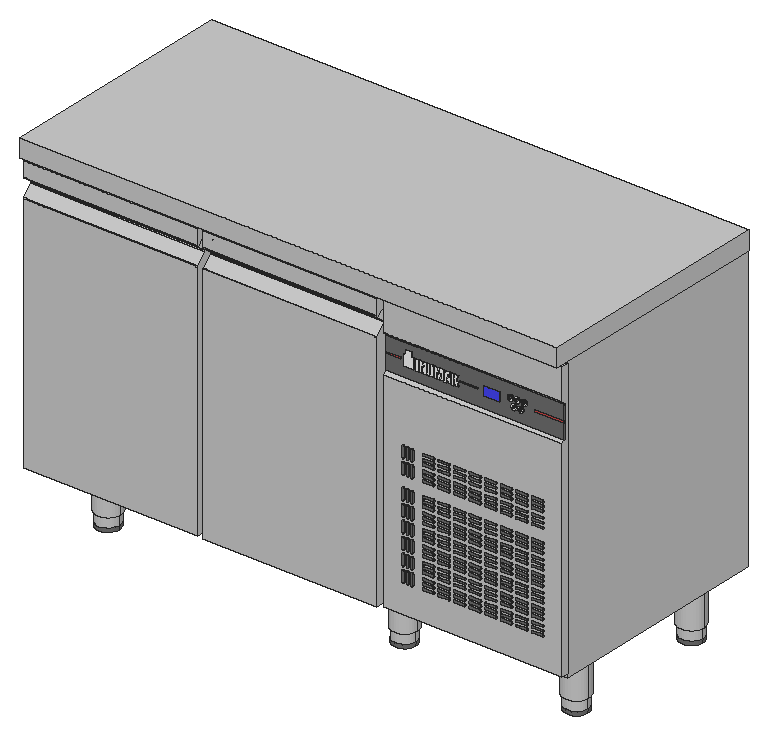
Revit family "QF_INOMAK_PMRP99_250528104133", category Specialty Equipment, Revit 2021 (continued)
Definition of nested family "QF_INOMAK_REF_COUNTERS_DOORS_DRAWERS_7216"
  Definition of nested family "3_Drawers_1-3"
    Forms (mm)
      Extrusion 2, solid, visible <- "3 Drawers", detail levels coarse
        sketch origin (0, -640.463, 751.667) x (0, 1, 0) y (-1, 0, 0)
          loop
            line (-49.537, -35) -> (-624.582, -35) -> (-624.582, -1165) -> (-49.537, -1165) -> (-49.537, -35)
        from 0 to 294.333
      Extrusion 3, solid, visible <- "3 Drawers", detail levels coarse
        sketch origin (0, -640.463, 453.333) x (0, 1, 0) y (-1, 0, 0)
          loop
            line (-49.537, -35) -> (-624.582, -35) -> (-624.582, -1165) -> (-49.537, -1165) -> (-49.537, -35)
        from 0 to 293.667
      Extrusion 4, solid, visible <- "3 Drawers", detail levels coarse
        sketch origin (0, -700, 154) x (-1, 0, 0) y (0, 1, 0)
          loop
            line (-35, 10) -> (-1165, 10) -> (-1165, -565.045) -> (-35, -565.045) -> (-35, 10)
        from 0 to -294
      Extrusion 5, solid, material <- "Finish", visible <- "3 Drawers"
        sketch origin (35, 0, -220.667) x (0, -1, 0) y (0, 0, 1)
          loop
            line (690, 674) -> (690, 882.031)
            arc (690, 882.031) -> (689.866, 882.704) -> (689.485, 883.274) r 1.757
            line (689.485, 883.274) -> (666.663, 906.096)
            arc (666.663, 906.096) -> (665.976, 907.125) -> (665.734, 908.339) r 3.172
            line (665.734, 908.339) -> (665.734, 935.243)
            arc (665.734, 935.243) -> (666.433, 936.929) -> (668.119, 937.628) r 2.385
            line (668.119, 937.628) -> (680.029, 937.628) -> (686.544, 928.324)
            arc (686.544, 928.324) -> (688.671, 927.602) -> (690, 929.414) r 1.9
            line (690, 929.414) -> (690, 967.667) -> (648, 967.667) -> (648, 674) -> (690, 674)
        from 0 to -1130
      Extrusion 6, solid, material <- "Finish", visible <- "3 Drawers"
        sketch origin (35, 0, -441.333) x (0, -1, 0) y (0, 0, 1)
          loop
            line (690, 595.333) -> (690, 800.031)
            arc (690, 800.031) -> (689.866, 800.704) -> (689.485, 801.274) r 1.757
            line (689.485, 801.274) -> (666.663, 824.096)
            arc (666.663, 824.096) -> (665.976, 825.125) -> (665.734, 826.339) r 3.172
            line (665.734, 826.339) -> (665.734, 857.243)
            arc (665.734, 857.243) -> (666.433, 858.929) -> (668.119, 859.628) r 2.385
            line (668.119, 859.628) -> (680.029, 859.628) -> (686.544, 850.324)
            arc (686.544, 850.324) -> (688.671, 849.602) -> (690, 851.414) r 1.9
            line (690, 851.414) -> (690, 889.333) -> (648, 889.333) -> (648, 595.333) -> (690, 595.333)
        from 0 to -1130
    Lines and regions (mm)
      symbolic lines, visible <- "3 Drawers"
        curve 1: line (35, -850, 900) -> (35, -890, 900)
        curve 2: line (35, -890, 900) -> (1165, -890, 900)
        curve 3: line (1165, -890, 900) -> (1165, -850, 900)
        curve 4: line (1165, -850, 900) -> (35, -850, 900)
        curve 5: line (1135, -850, 900) -> (1135, -700, 900)
        curve 6: line (65, -850, 900) -> (65, -700, 900)
        curve 7: line (35, -1040, 900) -> (35, -1080, 900)
        curve 8: line (35, -1080, 900) -> (1165, -1080, 900)
        curve 9: line (1165, -1080, 900) -> (1165, -1040, 900)
        curve 10: line (1165, -1040, 900) -> (35, -1040, 900)
        curve 11: line (1135, -1040, 900) -> (1135, -890, 900)
        curve 12: line (65, -1040, 900) -> (65, -890, 900)
        curve 13: line (35, -1225, 900) -> (35, -1265, 900)
        curve 14: line (35, -1265, 900) -> (1165, -1265, 900)
        curve 15: line (1165, -1265, 900) -> (1165, -1225, 900)
        curve 16: line (1165, -1225, 900) -> (35, -1225, 900)
        curve 17: line (1135, -1225, 900) -> (1135, -1080, 900)
        curve 18: line (65, -1225, 900) -> (65, -1080, 900)
    Dimensions and locks
      "Length Actual": plane 3 "Left" to plane 4 "Right"
      "Depth Actual": plane 5 "Front" to plane 1 "Back"
      "Height Actual": plane 6 "Top" to plane 8 "Legs top"
      "Front inset": plane 7 "Front legs" to plane 5 "Front"
      "Plinth height": plane 8 "Legs top" to plane 2
      "Rear inset": plane 9 "Backsplash thickness" to plane 1 "Back"
      "Right panel thickness": plane 11 "Right panel" to plane 4 "Right"
      "Left panel thickness": plane 3 "Left" to plane 10 "Left panel"
      plane 14 to plane 15 = 4.667 mm
      equal spacing: plane 14, plane 12, plane 15
      locked: plane 16 to plane 13 at 2
      equal spacing: plane 18, plane 17, plane 19
      plane 18 to plane 19 = 5.333 mm
      "Bottom inset": plane 20 to plane 8 "Legs top"
      equal spacing: plane 21, plane 17, plane 12, plane 16
      "Top inset": plane 13 to plane 6 "Top"
      locked: plane 21 to plane 20 at 2
      aligned and locked: level to plane 2
      aligned and locked: Extrusion 1 to plane 11 "Right panel"
      aligned and locked: plane 10 "Left panel" to curve 1
      aligned and locked: plane 10 "Left panel" to curve 7
      aligned and locked: plane 10 "Left panel" to curve 13
      aligned and locked: Extrusion 2 sketch curve to plane 10 "Left panel"
      aligned and locked: plane 11 "Right panel" to Extrusion 2 sketch curve
      aligned and locked: Extrusion 3 sketch curve to plane 10 "Left panel"
      aligned and locked: plane 11 "Right panel" to Extrusion 3 sketch curve
      aligned and locked: Extrusion 4 sketch curve to plane 10 "Left panel"
      aligned and locked: plane 11 "Right panel" to Extrusion 4 sketch curve
      aligned and locked: Extrusion 2 to plane 13
      aligned and locked: Extrusion 3 to plane 15
      aligned and locked: Extrusion 4 to plane 19
      aligned and locked: Extrusion 5 to plane 11 "Right panel"
      aligned and locked: Extrusion 6 to plane 11 "Right panel"
      aligned and locked: Extrusion 1 sketch curve to plane 13
      aligned and locked: Extrusion 1 sketch curve to plane 7 "Front legs"
      aligned and locked: plane 18 to Extrusion 5 sketch curve
      aligned and locked: Extrusion 6 sketch curve to Extrusion 4  (x2)
      aligned and locked: Extrusion 5 sketch curve to plane 15
      aligned and locked: Extrusion 4 to Extrusion 5 sketch curve
      aligned and locked: Extrusion 6 sketch curve to plane 19
      aligned and locked: Extrusion 6 sketch curve to plane 20
    Automatic sketch dimensions
      Extrusion 2 sketch curve to plane 7 "Front legs" = 0 mm
      Extrusion 2 sketch curve to plane 5 "Front" = 565.045 mm
      Extrusion 3 sketch curve to plane 7 "Front legs" = 0 mm
      Extrusion 3 sketch curve to plane 5 "Front" = 565.045 mm
      Extrusion 4 sketch curve to plane 7 "Front legs" = 0 mm
      Extrusion 4 sketch curve to plane 5 "Front" = 565.045 mm
      curve 14 to plane 11 "Right panel" = 0 mm
      curve 8 to plane 11 "Right panel" = 0 mm
      curve 3 to plane 11 "Right panel" = 0 mm
      curve 6 to plane 5 "Front" = 0 mm
      curve 5 to plane 5 "Front" = 0 mm
      curve 1 to plane 5 "Front" = 150 mm
      curve 2 to curve 3 = 40 mm
      curve 10 to curve 1 = 150 mm
      curve 9 to curve 9 = 40 mm
      curve 13 to curve 7 = 145 mm
      curve 14 to curve 13 = 40 mm
      curve 3 to curve 5 = 30 mm
      curve 15 to curve 17 = 30 mm
      curve 11 to curve 17 = 0 mm
      curve 6 to plane 10 "Left panel" = 30 mm
      curve 18 to plane 10 "Left panel" = 30 mm
      curve 12 to curve 18 = 0 mm
      Extrusion 1 sketch curve to plane 14 = 0 mm
      Extrusion 1 sketch curve to plane 7 "Front legs" = 0 mm
      plane 7 "Front legs" to Extrusion 1 sketch curve = 0.515 mm
      plane 7 "Front legs" to Extrusion 1 sketch curve = 1.757 mm
      plane 7 "Front legs" to Extrusion 1 sketch curve = 1.9 mm
      Extrusion 1 sketch curve to Extrusion 1 sketch curve = 1.556 mm
      plane 7 "Front legs" to Extrusion 1 sketch curve = 9.971 mm
      plane 7 "Front legs" to Extrusion 1 sketch curve = 21.094 mm
      Extrusion 1 sketch curve to Extrusion 1 sketch curve = 11.91 mm
      Extrusion 1 sketch curve to Extrusion 1 sketch curve = 2.243 mm
      Extrusion 1 sketch curve to Extrusion 1 sketch curve = 2.385 mm
      Extrusion 1 sketch curve to Extrusion 1 sketch curve = 20.119 mm
      plane 13 to Extrusion 1 sketch curve = 85.635 mm
      Extrusion 1 sketch curve to Extrusion 1 sketch curve = 22.822 mm
      Extrusion 1 sketch curve to Extrusion 1 sketch curve = 19.985 mm
      Extrusion 1 sketch curve to Extrusion 1 sketch curve = 6.919 mm
      plane 15 to Extrusion 5 sketch curve = 59.328 mm
      Extrusion 5 sketch curve to Extrusion 5 sketch curve = 17.734 mm
      plane 15 to Extrusion 5 sketch curve = 61.571 mm
      Extrusion 5 sketch curve to Extrusion 5 sketch curve = 0.929 mm
      Extrusion 5 sketch curve to Extrusion 5 sketch curve = 2.385 mm
      Extrusion 5 sketch curve to Extrusion 5 sketch curve = 11.91 mm
      Extrusion 5 sketch curve to Extrusion 5 sketch curve = 6.515 mm
      Extrusion 5 sketch curve to Extrusion 5 sketch curve = 1.556 mm
      Extrusion 5 sketch curve to Extrusion 5 sketch curve = 21.58 mm
      plane 15 to Extrusion 5 sketch curve = 84.393 mm
      Extrusion 5 sketch curve to Extrusion 5 sketch curve = 1.242 mm
      Extrusion 5 sketch curve to Extrusion 5 sketch curve = 1.9 mm
      Extrusion 5 sketch curve to Extrusion 5 sketch curve = 0.515 mm
      Extrusion 5 sketch curve to Extrusion 5 sketch curve = 6.919 mm
      Extrusion 5 sketch curve to Extrusion 5 sketch curve = 30.039 mm
      plane 7 "Front legs" to Extrusion 6 sketch curve = 0.515 mm
      plane 7 "Front legs" to Extrusion 6 sketch curve = 1.757 mm
      plane 7 "Front legs" to Extrusion 6 sketch curve = 1.9 mm
      Extrusion 6 sketch curve to Extrusion 6 sketch curve = 1.556 mm
      plane 7 "Front legs" to Extrusion 6 sketch curve = 9.971 mm
      plane 7 "Front legs" to Extrusion 6 sketch curve = 21.094 mm
      Extrusion 6 sketch curve to Extrusion 6 sketch curve = 11.91 mm
      Extrusion 6 sketch curve to Extrusion 6 sketch curve = 2.243 mm
      Extrusion 6 sketch curve to Extrusion 6 sketch curve = 2.385 mm
      Extrusion 6 sketch curve to Extrusion 6 sketch curve = 20.119 mm
      plane 19 to Extrusion 6 sketch curve = 89.302 mm
      Extrusion 6 sketch curve to Extrusion 6 sketch curve = 22.822 mm
      Extrusion 6 sketch curve to Extrusion 6 sketch curve = 23.985 mm
      Extrusion 6 sketch curve to Extrusion 6 sketch curve = 6.919 mm
  Definition of nested family "2_Drawers_1-2"
    Parameters (values of type "2 Drawers 1-2")
      URL = "www.specifiglobal.com"
      Top inset [instance] = 4 mm
      Right panel thickness [instance] = 35 mm
      Rear inset [instance] = 10 mm
      Plinth height [instance] = 150 mm
      Model = ""
      Manufacturer = "DEMO CONSULTANT"
      Length Actual [instance] = 1200 mm
      Left panel thickness [instance] = 35 mm
      Height Actual [instance] = 900 mm
      Front inset [instance] = 10 mm
      Finish = none
      Doors drawers type [instance] = 4
      Description = ""
      Depth Actual [instance] = 700 mm
      Default Elevation = 0 mm
      Bottom inset [instance] = 4 mm
      Assembly Code = "E1090320"
      2 Drawers [instance] = Doors drawers type = 4  # yes
    Reference planes
      plane 1 "Back": y = 0
      plane 2: z = 0
      plane 3 "Left": x = 0
      plane 4 "Right": x = 1200
      plane 5 "Front": y = -700
      plane 6 "Top": z = 1050
      plane 7 "Front legs": y = -690
      plane 8 "Legs top": z = 150
      plane 9 "Backsplash thickness": y = -10
      plane 10 "Left panel": x = 35
      plane 11 "Right panel": x = 1165
      plane 12: z = 600
      plane 13: z = 1046
      plane 14: z = 602
      plane 15: z = 598
      plane 16: z = 154
    Forms (mm)
      Extrusion 1, solid, material <- "Finish", visible <- "2 Drawers"
        sketch origin (35, 0, 0) x (0, -1, 0) y (0, 0, 1)
          loop
            line (690, 602) -> (690, 960.365)
            arc (690, 960.365) -> (689.866, 961.037) -> (689.485, 961.607) r 1.757
            line (689.485, 961.607) -> (666.663, 984.429)
            arc (666.663, 984.429) -> (665.976, 985.458) -> (665.734, 986.672) r 3.172
            line (665.734, 986.672) -> (665.734, 1013.576)
            arc (665.734, 1013.576) -> (666.433, 1015.262) -> (668.119, 1015.961) r 2.385
            line (668.119, 1015.961) -> (680.029, 1015.961) -> (686.544, 1006.657)
            arc (686.544, 1006.657) -> (688.671, 1005.935) -> (690, 1007.747) r 1.9
            line (690, 1007.747) -> (690, 1046) -> (648, 1046) -> (648, 602) -> (690, 602)
        from 0 to -1130
      Extrusion 2, solid, visible <- "2 Drawers", detail levels coarse
        sketch origin (0, -640.463, 602) x (0, 1, 0) y (-1, 0, 0)
          loop
            line (-49.537, -35) -> (-624.537, -35) -> (-624.537, -1165) -> (-49.537, -1165) -> (-49.537, -35)
        from 0 to 444
      Extrusion 3, solid, visible <- "2 Drawers", detail levels coarse
        sketch origin (0, -700, 154) x (-1, 0, 0) y (0, 1, 0)
          loop
            line (-35, 10) -> (-1165, 10) -> (-1165, -565) -> (-35, -565) -> (-35, 10)
        from 0 to -444
      Extrusion 4, solid, material <- "Finish", visible <- "2 Drawers"
        sketch origin (35, 0, -441.333) x (0, -1, 0) y (0, 0, 1)
          loop
            line (690, 595.333) -> (690, 953.698)
            arc (690, 953.698) -> (689.866, 954.37) -> (689.485, 954.94) r 1.757
            line (689.485, 954.94) -> (666.663, 977.763)
            arc (666.663, 977.763) -> (665.976, 978.792) -> (665.734, 980.006) r 3.172
            line (665.734, 980.006) -> (665.734, 1006.909)
            arc (665.734, 1006.909) -> (666.433, 1008.596) -> (668.119, 1009.294) r 2.385
            line (668.119, 1009.294) -> (680.029, 1009.294) -> (686.544, 999.991)
            arc (686.544, 999.991) -> (688.671, 999.268) -> (690, 1001.08) r 1.9
            line (690, 1001.08) -> (690, 1039.333) -> (648, 1039.333) -> (648, 595.333) -> (690, 595.333)
        from 0 to -1130
    Lines and regions (mm)
      symbolic lines, visible <- "2 Drawers"
        curve 1: line (35, -940, 900) -> (35, -980, 900)
        curve 2: line (35, -980, 900) -> (1165, -980, 900)
        curve 3: line (1165, -980, 900) -> (1165, -940, 900)
        curve 4: line (1165, -940, 900) -> (35, -940, 900)
        curve 5: line (1135, -940, 900) -> (1135, -700, 900)
        curve 6: line (65, -940, 900) -> (65, -700, 900)
        curve 7: line (35, -1225, 900) -> (35, -1265, 900)
        curve 8: line (35, -1265, 900) -> (1165, -1265, 900)
        curve 9: line (1165, -1265, 900) -> (1165, -1225, 900)
        curve 10: line (1165, -1225, 900) -> (35, -1225, 900)
        curve 11: line (1135, -1225, 900) -> (1135, -980, 900)
        curve 12: line (65, -1225, 900) -> (65, -980, 900)
    Dimensions and locks
      "Length Actual": plane 3 "Left" to plane 4 "Right"
      "Depth Actual": plane 5 "Front" to plane 1 "Back"
      "Height Actual": plane 6 "Top" to plane 8 "Legs top"
      "Front inset": plane 7 "Front legs" to plane 5 "Front"
      "Plinth height": plane 8 "Legs top" to plane 2
      "Rear inset": plane 9 "Backsplash thickness" to plane 1 "Back"
      "Right panel thickness": plane 11 "Right panel" to plane 4 "Right"
      "Left panel thickness": plane 3 "Left" to plane 10 "Left panel"
      "Top inset": plane 6 "Top" to plane 13
      "Bottom inset": plane 16 to plane 8 "Legs top"
      equal spacing: plane 16, plane 12, plane 13
      locked: plane 14 to plane 12 at 2
      locked: plane 15 to plane 12 at 2
      aligned and locked: level to plane 2
      aligned and locked: Extrusion 1 to plane 11 "Right panel"
      aligned and locked: plane 10 "Left panel" to curve 1
      aligned and locked: plane 10 "Left panel" to curve 7
      aligned and locked: Extrusion 2 sketch curve to plane 10 "Left panel"
      aligned and locked: plane 11 "Right panel" to Extrusion 2 sketch curve
      aligned and locked: Extrusion 3 sketch curve to plane 10 "Left panel"
      aligned and locked: plane 11 "Right panel" to Extrusion 3 sketch curve
      aligned and locked: Extrusion 2 to plane 13
      aligned and locked: Extrusion 4 to plane 11 "Right panel"
      aligned and locked: Extrusion 3 to plane 15
      aligned and locked: Extrusion 1 sketch curve to plane 13
      aligned and locked: Extrusion 1 sketch curve to plane 7 "Front legs"
      aligned and locked: plane 14 to Extrusion 1 sketch curve
      aligned and locked: Extrusion 4 sketch curve to plane 15
      aligned and locked: Extrusion 4 sketch curve to plane 7 "Front legs"
      aligned and locked: Extrusion 4 sketch curve to plane 16
    Automatic sketch dimensions
      Extrusion 2 sketch curve to plane 7 "Front legs" = 0 mm
      Extrusion 2 sketch curve to plane 5 "Front" = 565 mm
      Extrusion 3 sketch curve to plane 7 "Front legs" = 0 mm
      Extrusion 3 sketch curve to plane 5 "Front" = 565 mm
      curve 9 to plane 11 "Right panel" = 0 mm
      curve 2 to plane 11 "Right panel" = 0 mm
      curve 5 to plane 5 "Front" = 0 mm
      curve 6 to plane 5 "Front" = 0 mm
      curve 1 to plane 5 "Front" = 240 mm
      curve 3 to curve 3 = 40 mm
      curve 7 to curve 1 = 245 mm
      curve 8 to curve 9 = 40 mm
      plane 11 "Right panel" to curve 5 = 30 mm
      curve 2 to curve 11 = 30 mm
      curve 6 to plane 10 "Left panel" = 30 mm
      curve 12 to plane 10 "Left panel" = 30 mm
      Extrusion 1 sketch curve to Extrusion 1 sketch curve = 17.734 mm
      Extrusion 1 sketch curve to Extrusion 1 sketch curve = 0.929 mm
      Extrusion 1 sketch curve to Extrusion 1 sketch curve = 2.385 mm
      Extrusion 1 sketch curve to Extrusion 1 sketch curve = 3.172 mm
      Extrusion 1 sketch curve to Extrusion 1 sketch curve = 11.91 mm
      Extrusion 1 sketch curve to Extrusion 1 sketch curve = 6.515 mm
      Extrusion 1 sketch curve to Extrusion 1 sketch curve = 1.556 mm
      Extrusion 1 sketch curve to Extrusion 1 sketch curve = 21.58 mm
      Extrusion 1 sketch curve to Extrusion 1 sketch curve = 1.242 mm
      Extrusion 1 sketch curve to Extrusion 1 sketch curve = 1.9 mm
      Extrusion 1 sketch curve to Extrusion 1 sketch curve = 0.515 mm
      Extrusion 1 sketch curve to Extrusion 1 sketch curve = 22.822 mm
      Extrusion 1 sketch curve to Extrusion 1 sketch curve = 19.985 mm
      Extrusion 1 sketch curve to Extrusion 1 sketch curve = 6.919 mm
      Extrusion 1 sketch curve to Extrusion 1 sketch curve = 30.039 mm
      Extrusion 4 sketch curve to plane 7 "Front legs" = 0 mm
      plane 7 "Front legs" to Extrusion 4 sketch curve = 0.515 mm
      plane 7 "Front legs" to Extrusion 4 sketch curve = 1.757 mm
      plane 7 "Front legs" to Extrusion 4 sketch curve = 1.9 mm
      Extrusion 4 sketch curve to Extrusion 4 sketch curve = 1.556 mm
      plane 7 "Front legs" to Extrusion 4 sketch curve = 9.971 mm
      plane 7 "Front legs" to Extrusion 4 sketch curve = 21.094 mm
      Extrusion 4 sketch curve to Extrusion 4 sketch curve = 11.91 mm
      Extrusion 4 sketch curve to Extrusion 4 sketch curve = 2.243 mm
      Extrusion 4 sketch curve to Extrusion 4 sketch curve = 2.385 mm
      Extrusion 4 sketch curve to Extrusion 4 sketch curve = 20.119 mm
      Extrusion 4 sketch curve to Extrusion 4 sketch curve = 22.822 mm
      Extrusion 4 sketch curve to Extrusion 4 sketch curve = 19.985 mm
      Extrusion 4 sketch curve to Extrusion 4 sketch curve = 6.919 mm
      Extrusion 4 sketch curve to Extrusion 4 sketch curve = 30.039 mm
  Definition of nested family "2_Drawers_1-3_2-3"
    Parameters (values of type "2 Drawers 1-3 and 2-3")
      URL = "www.specifiglobal.com"
      Top inset [instance] = 4 mm
      Right panel thickness [instance] = 35 mm
      Rear inset [instance] = 10 mm
      Plinth height [instance] = 150 mm
      Model = ""
      Manufacturer = "DEMO CONSULTANT"
      Length Actual [instance] = 1200 mm
      Left panel thickness [instance] = 35 mm
      Height Actual [instance] = 900 mm
      Front inset [instance] = 10 mm
      Finish = none
      Doors drawers type [instance] = 5
      Description = ""
      Depth Actual [instance] = 700 mm
      Default Elevation = 0 mm
      Bottom inset [instance] = 4 mm
      Assembly Code = "E1090320"
      2 Drawers 1-3 and 2-3 [instance] = Doors drawers type = 5  # yes
    Reference planes
      plane 1 "Back": y = 0
      plane 2: z = 0
      plane 3 "Left": x = 0
      plane 4 "Right": x = 1200
      plane 5 "Front": y = -700
      plane 6 "Top": z = 1050
      plane 7 "Front legs": y = -690
      plane 8 "Legs top": z = 150
      plane 9 "Backsplash thickness": y = -10
      plane 10 "Left panel": x = 35
      plane 11 "Right panel": x = 1165
      plane 12: z = 1046
      plane 13: z = 751.833
      plane 14: z = 746.833
      plane 15: z = 154
      plane 16: z = 450.667
      plane 17: z = 152
      plane 18: z = 1048
      plane 19: z = 749.333
    Forms (mm)
      Extrusion 1, solid, material <- "Finish", visible <- "2 Drawers 1-3 and 2-3"
        sketch origin (35, 0, 0) x (0, -1, 0) y (0, 0, 1)
          loop
            line (690, 751.833) -> (690, 960.365)
            arc (690, 960.365) -> (689.866, 961.037) -> (689.485, 961.607) r 1.757
            line (689.485, 961.607) -> (666.663, 984.429)
            arc (666.663, 984.429) -> (665.976, 985.458) -> (665.734, 986.672) r 3.172
            line (665.734, 986.672) -> (665.734, 1013.576)
            arc (665.734, 1013.576) -> (666.433, 1015.262) -> (668.119, 1015.961) r 2.385
            line (668.119, 1015.961) -> (680.029, 1015.961) -> (686.544, 1006.657)
            arc (686.544, 1006.657) -> (688.671, 1005.935) -> (690, 1007.747) r 1.9
            line (690, 1007.747) -> (690, 1046) -> (648, 1046) -> (648, 751.833) -> (690, 751.833)
        from 0 to -1130
      Extrusion 2, solid, visible <- "2 Drawers 1-3 and 2-3", detail levels coarse
        sketch origin (0, -640.463, 751.833) x (0, 1, 0) y (-1, 0, 0)
          loop
            line (-49.537, -35) -> (-624.537, -35) -> (-624.537, -1165) -> (-49.537, -1165) -> (-49.537, -35)
        from 0 to 294.167
      Extrusion 3, solid, visible <- "2 Drawers 1-3 and 2-3", detail levels coarse
        sketch origin (0, -700, 154) x (-1, 0, 0) y (0, 1, 0)
          loop
            line (-35, 10) -> (-1165, 10) -> (-1165, -565) -> (-35, -565) -> (-35, 10)
        from 0 to -592.833
      Extrusion 4, solid, material <- "Finish", visible <- "2 Drawers 1-3 and 2-3"
        sketch origin (35, 0, -441.333) x (0, -1, 0) y (0, 0, 1)
          loop
            line (690, 595.333) -> (690, 1101.698)
            arc (690, 1101.698) -> (689.866, 1102.37) -> (689.485, 1102.94) r 1.757
            line (689.485, 1102.94) -> (666.663, 1126.596)
            arc (666.663, 1126.596) -> (665.976, 1127.625) -> (665.734, 1128.839) r 3.172
            line (665.734, 1128.839) -> (665.734, 1155.743)
            arc (665.734, 1155.743) -> (666.433, 1157.429) -> (668.119, 1158.128) r 2.385
            line (668.119, 1158.128) -> (680.029, 1158.128) -> (686.544, 1148.824)
            arc (686.544, 1148.824) -> (688.671, 1148.102) -> (690, 1149.914) r 1.9
            line (690, 1149.914) -> (690, 1188.167) -> (648, 1188.167) -> (648, 595.333) -> (690, 595.333)
        from 0 to -1130
    Lines and regions (mm)
      symbolic lines, visible <- "2 Drawers 1-3 and 2-3"
        curve 1: line (35, -1000, 900) -> (35, -1040, 900)
        curve 2: line (35, -1040, 900) -> (1165, -1040, 900)
        curve 3: line (1165, -1040, 900) -> (1165, -1000, 900)
        curve 4: line (1165, -1000, 900) -> (35, -1000, 900)
        curve 5: line (1135, -1000, 900) -> (1135, -700, 900)
        curve 6: line (65, -1000, 900) -> (65, -700, 900)
        curve 7: line (35, -1225, 900) -> (35, -1265, 900)
        curve 8: line (35, -1265, 900) -> (1165, -1265, 900)
        curve 9: line (1165, -1265, 900) -> (1165, -1225, 900)
        curve 10: line (1165, -1225, 900) -> (35, -1225, 900)
        curve 11: line (1135, -1225, 900) -> (1135, -1040, 900)
        curve 12: line (65, -1225, 900) -> (65, -1040, 900)
    Dimensions and locks
      "Length Actual": plane 3 "Left" to plane 4 "Right"
      "Depth Actual": plane 5 "Front" to plane 1 "Back"
      "Height Actual": plane 6 "Top" to plane 8 "Legs top"
      "Front inset": plane 7 "Front legs" to plane 5 "Front"
      "Plinth height": plane 8 "Legs top" to plane 2
      "Rear inset": plane 9 "Backsplash thickness" to plane 1 "Back"
      "Right panel thickness": plane 11 "Right panel" to plane 4 "Right"
      "Left panel thickness": plane 3 "Left" to plane 10 "Left panel"
      "Top inset": plane 6 "Top" to plane 12
      locked: plane 13 to plane 14 at 5
      "Bottom inset": plane 15 to plane 8 "Legs top"
      equal spacing: plane 17, plane 16, plane 19, plane 18
      equal spacing: plane 12, plane 18, plane 6 "Top"
      equal spacing: plane 14, plane 19, plane 13
      equal spacing: plane 15, plane 17, plane 8 "Legs top"
      aligned and locked: level to plane 2
      aligned and locked: Extrusion 1 to plane 11 "Right panel"
      aligned and locked: plane 10 "Left panel" to curve 1
      aligned and locked: plane 10 "Left panel" to curve 7
      aligned and locked: Extrusion 2 sketch curve to plane 10 "Left panel"
      aligned and locked: plane 11 "Right panel" to Extrusion 2 sketch curve
      aligned and locked: Extrusion 3 sketch curve to plane 10 "Left panel"
      aligned and locked: plane 11 "Right panel" to Extrusion 3 sketch curve
      aligned and locked: Extrusion 2 to plane 12
      aligned and locked: Extrusion 4 to plane 11 "Right panel"
      aligned and locked: Extrusion 3 to plane 14
      aligned and locked: plane 13 to Extrusion 1 sketch curve
      aligned and locked: Extrusion 2 to Extrusion 1 sketch curve
      aligned and locked: Extrusion 3 to Extrusion 4 sketch curve
      aligned and locked: Extrusion 4 sketch curve to Extrusion 3  (x2)
      aligned and locked: Extrusion 1 sketch curve to plane 7 "Front legs"
    Automatic sketch dimensions
      Extrusion 2 sketch curve to plane 7 "Front legs" = 0 mm
      Extrusion 2 sketch curve to plane 5 "Front" = 565 mm
      Extrusion 3 sketch curve to plane 7 "Front legs" = 0 mm
      Extrusion 3 sketch curve to plane 5 "Front" = 565 mm
      curve 9 to plane 11 "Right panel" = 0 mm
      curve 2 to plane 11 "Right panel" = 0 mm
      curve 5 to plane 5 "Front" = 0 mm
      curve 6 to plane 5 "Front" = 0 mm
      curve 1 to plane 5 "Front" = 300 mm
      curve 3 to curve 3 = 40 mm
      curve 7 to curve 1 = 185 mm
      curve 8 to curve 9 = 40 mm
      plane 11 "Right panel" to curve 5 = 30 mm
      curve 11 to curve 5 = 0 mm
      curve 6 to plane 10 "Left panel" = 30 mm
      curve 12 to curve 6 = 0 mm
      Extrusion 1 sketch curve to plane 7 "Front legs" = 0 mm
      plane 7 "Front legs" to Extrusion 1 sketch curve = 0.515 mm
      plane 7 "Front legs" to Extrusion 1 sketch curve = 1.757 mm
      plane 7 "Front legs" to Extrusion 1 sketch curve = 1.9 mm
      Extrusion 1 sketch curve to Extrusion 1 sketch curve = 1.556 mm
      plane 7 "Front legs" to Extrusion 1 sketch curve = 9.971 mm
      plane 7 "Front legs" to Extrusion 1 sketch curve = 21.094 mm
      Extrusion 1 sketch curve to Extrusion 1 sketch curve = 11.91 mm
      Extrusion 1 sketch curve to Extrusion 1 sketch curve = 2.243 mm
      Extrusion 1 sketch curve to Extrusion 1 sketch curve = 2.385 mm
      Extrusion 1 sketch curve to Extrusion 1 sketch curve = 20.119 mm
      plane 12 to Extrusion 1 sketch curve = 85.635 mm
      Extrusion 1 sketch curve to Extrusion 1 sketch curve = 22.822 mm
      Extrusion 1 sketch curve to Extrusion 1 sketch curve = 19.985 mm
      Extrusion 1 sketch curve to Extrusion 1 sketch curve = 6.919 mm
      plane 12 to Extrusion 1 sketch curve = 0 mm
      Extrusion 4 sketch curve to plane 7 "Front legs" = 0 mm
      plane 7 "Front legs" to Extrusion 4 sketch curve = 0.515 mm
      plane 7 "Front legs" to Extrusion 4 sketch curve = 1.9 mm
      Extrusion 4 sketch curve to Extrusion 4 sketch curve = 1.556 mm
      plane 7 "Front legs" to Extrusion 4 sketch curve = 9.971 mm
      plane 7 "Front legs" to Extrusion 4 sketch curve = 21.094 mm
      Extrusion 4 sketch curve to Extrusion 4 sketch curve = 11.91 mm
      Extrusion 4 sketch curve to Extrusion 4 sketch curve = 2.243 mm
      Extrusion 4 sketch curve to Extrusion 4 sketch curve = 2.385 mm
      Extrusion 4 sketch curve to Extrusion 4 sketch curve = 20.119 mm
      Extrusion 4 sketch curve to Extrusion 4 sketch curve = 86.469 mm
      Extrusion 4 sketch curve to Extrusion 4 sketch curve = 23.656 mm
      Extrusion 4 sketch curve to Extrusion 4 sketch curve = 19.985 mm
      Extrusion 4 sketch curve to Extrusion 4 sketch curve = 6.919 mm
      plane 7 "Front legs" to Extrusion 4 sketch curve = 1.757 mm
  Definition of nested family "Sliding_Doors"
    Parameters (values of type "Sliding doors")
      URL = "www.specifiglobal.com"
      Top inset [instance] = 4 mm
      Sliding doors [instance] = Doors drawers type = 2  # yes
      Right panel thickness [instance] = 35 mm
      Rear inset [instance] = 10 mm
      Plinth height [instance] = 150 mm
      Model = ""
      Manufacturer = "DEMO CONSULTANT"
      Length Actual [instance] = 1200 mm
      Left panel thickness [instance] = 35 mm
      Height Actual [instance] = 900 mm
      Front inset [instance] = 10 mm
      Finish [instance] = none
      Doors drawers type [instance] = 2
      Description = ""
      Depth Actual [instance] = 700 mm
      Default Elevation = 0 mm
      Bottom inset [instance] = 4 mm
      Assembly Code = "E1090320"
    Reference planes
      plane 1 "Back": y = 0
      plane 2: z = 0
      plane 3 "Left": x = 0
      plane 4 "Right": x = 1200
      plane 5 "Front": y = -700
      plane 6 "Top": z = 1050
      plane 7 "Front legs": y = -690
      plane 8 "Legs top": z = 150
      plane 9 "Backsplash thickness": y = -10
      plane 10: x = 35
      plane 11: x = 1165
      plane 12 "Center Left-Right": x = 600
      plane 13: z = 154
      plane 14: z = 1046
    Forms (mm)
      Extrusion 1, solid, material <- "Finish", visible <- "Sliding doors"
        sketch origin (0, -690, 154) x (-1, 0, 0) y (0, 1, 0)
          loop
            line (-35, 10) -> (-35, 20) -> (-620, 20) -> (-620, 0) -> (-91.156, 0)
            arc (-91.156, 0) -> (-85.272, 0.885) -> (-79.91, 3.461) r 20
            line (-79.91, 3.461) -> (-60, 17) -> (-38, 17) -> (-38, 10)
            arc (-38, 10) -> (-40.05, 5.05) -> (-45, 3) r 7
            line (-45, 3) -> (-50.012, 3) -> (-50.012, 0) -> (-45, 0)
            arc (-45, 0) -> (-37.929, 2.929) -> (-35, 10) r 10
        from 0 to -892
      Extrusion 2, solid, material <- "Finish", visible <- "Sliding doors"
        sketch origin (0, -689, 154) x (-1, 0, 0) y (0, 1, 0)
          loop
            arc (-1065, 30) -> (-1062.071, 22.929) -> (-1055, 20) r 10
            line (-1055, 20) -> (-1049.988, 20) -> (-1049.988, 23) -> (-1055, 23)
            arc (-1055, 23) -> (-1059.95, 25.05) -> (-1062, 30) r 7
            line (-1062, 30) -> (-1062, 37) -> (-1040, 37) -> (-1020.09, 23.461)
            arc (-1020.09, 23.461) -> (-1014.728, 20.885) -> (-1008.844, 20) r 20
            line (-1008.844, 20) -> (-480, 20) -> (-480, 40) -> (-1065, 40) -> (-1065, 30)
        from 0 to -892
    Lines and regions (mm)
      symbolic lines, visible <- "Sliding doors"
        curve 1: line (1065, -649, 150) -> (480, -649, 150)
        curve 2: line (1065, -669, 150) -> (1065, -649, 150)
        curve 3: line (480, -669, 150) -> (1065, -669, 150)
        curve 4: line (480, -649, 150) -> (480, -669, 150)
        curve 5: line (620, -690, 150) -> (35, -690, 150)
        curve 6: line (620, -670, 150) -> (620, -690, 150)
        curve 7: line (35, -670, 150) -> (620, -670, 150)
        curve 8: line (35, -690, 150) -> (35, -670, 150)
    Dimensions and locks
      "Length Actual": plane 3 "Left" to plane 4 "Right"
      "Depth Actual": plane 5 "Front" to plane 1 "Back"
      "Height Actual": plane 6 "Top" to plane 8 "Legs top"
      "Front inset": plane 7 "Front legs" to plane 5 "Front"
      "Plinth height": plane 8 "Legs top" to plane 2
      "Rear inset": plane 9 "Backsplash thickness" to plane 1 "Back"
      "Right panel thickness": plane 11 to plane 4 "Right"
      "Left panel thickness": plane 3 "Left" to plane 10
      equal spacing: plane 10, plane 12 "Center Left-Right", plane 11
      "Top inset": plane 6 "Top" to plane 14
      "Bottom inset": plane 13 to plane 8 "Legs top"
      locked: plane 12 "Center Left-Right" to curve 4 at 120
      locked: plane 12 "Center Left-Right" to curve 5 at 20
      locked: plane 11 to curve 1 at 100
      aligned and locked: level to plane 2
      aligned and locked: Extrusion 1 sketch curve to plane 7 "Front legs"
      aligned and locked: Extrusion 1 sketch curve to plane 10
      aligned and locked: Extrusion 1 to plane 14
      aligned and locked: Extrusion 2 to plane 14
      aligned and locked: curve 8 to plane 10
    Automatic sketch dimensions
      Extrusion 2 sketch curve to Extrusion 2 sketch curve = 0 mm  (x2)
      plane 11 to Extrusion 2 sketch curve = 100 mm
      Extrusion 2 sketch curve to Extrusion 2 sketch curve = 3 mm
      Extrusion 2 sketch curve to Extrusion 2 sketch curve = 7 mm  (x2)
      Extrusion 2 sketch curve to Extrusion 2 sketch curve = 5.012 mm
      plane 7 "Front legs" to Extrusion 2 sketch curve = 38 mm
      Extrusion 2 sketch curve to Extrusion 2 sketch curve = 15 mm
      plane 7 "Front legs" to Extrusion 2 sketch curve = 24.461 mm
      Extrusion 2 sketch curve to Extrusion 2 sketch curve = 19.91 mm
      Extrusion 2 sketch curve to Extrusion 2 sketch curve = 11.246 mm
      Extrusion 2 sketch curve to plane 12 "Center Left-Right" = 120 mm
      Extrusion 2 sketch curve to Extrusion 2 sketch curve = 16.539 mm
      Extrusion 2 sketch curve to Extrusion 2 sketch curve = 20 mm
      Extrusion 1 sketch curve to Extrusion 1 sketch curve = 0 mm  (x2)
      Extrusion 1 sketch curve to plane 7 "Front legs" = 0 mm
      Extrusion 1 sketch curve to plane 10 = 3 mm
      Extrusion 1 sketch curve to Extrusion 1 sketch curve = 7 mm
      Extrusion 1 sketch curve to Extrusion 1 sketch curve = 5.012 mm
      Extrusion 1 sketch curve to Extrusion 1 sketch curve = 15 mm
      plane 7 "Front legs" to Extrusion 1 sketch curve = 3.461 mm
      Extrusion 1 sketch curve to Extrusion 1 sketch curve = 19.91 mm
      Extrusion 1 sketch curve to Extrusion 1 sketch curve = 11.246 mm
      plane 12 "Center Left-Right" to Extrusion 1 sketch curve = 20 mm
      Extrusion 1 sketch curve to Extrusion 1 sketch curve = 20 mm
      Extrusion 1 sketch curve to Extrusion 1 sketch curve = 3 mm
      curve 8 to plane 7 "Front legs" = 0 mm
      curve 5 to curve 6 = 20 mm
      plane 7 "Front legs" to curve 2 = 21 mm
      curve 2 to curve 2 = 20 mm
  Definition of nested family "4_Drawers_1-4"
    Parameters (values of type "4 Drawers 1-4")
      URL = "www.specifiglobal.com"
      Top inset [instance] = 4 mm
      Right panel thickness [instance] = 35 mm
      Rear inset [instance] = 10 mm
      Plinth height [instance] = 150 mm
      Model = ""
      Manufacturer = "DEMO CONSULTANT"
      Length Actual [instance] = 1200 mm
      Left panel thickness [instance] = 35 mm
      Height Actual [instance] = 900 mm
      Front inset [instance] = 10 mm
      Finish [instance] = none
      Doors drawers type [instance] = 7
      Description = ""
      Depth Actual [instance] = 700 mm
      Default Elevation = 0 mm
      Bottom inset [instance] = 4 mm
      Assembly Code = "E1090320"
      4 Drawers [instance] = Doors drawers type = 7  # yes
    Reference planes
      plane 1 "Back": y = 0
      plane 2: z = 0
      plane 3 "Left": x = 0
      plane 4 "Right": x = 1200
      plane 5 "Front": y = -700
      plane 6 "Top": z = 1050
      plane 7 "Front legs": y = -690
      plane 8 "Legs top": z = 150
      plane 9 "Backsplash thickness": y = -10
      plane 10 "Left panel": x = 35
      plane 11 "Right panel": x = 1165
      plane 12: z = 824.25
      plane 13: z = 1046
      plane 14: z = 826.083
      plane 15: z = 822.417
      plane 16: z = 1048.5
      plane 17: z = 375.75
      plane 18: z = 377.917
      plane 19: z = 373.583
      plane 20: z = 154
      plane 21: z = 151.5
      plane 22: z = 600
      plane 23: z = 601.833
      plane 24: z = 598.167
    Forms (mm)
      Extrusion 1, solid, material <- "Finish", visible <- "4 Drawers"
        sketch origin (35, 0, -1) x (0, -1, 0) y (0, 0, 1)
          loop
            line (680, 1047) -> (670, 1047) -> (670, 827.083) -> (690, 827.083) -> (690, 990.844)
            arc (690, 990.844) -> (689.115, 996.728) -> (686.539, 1002.09) r 20
            line (686.539, 1002.09) -> (673, 1022) -> (673, 1044) -> (680, 1044)
            arc (680, 1044) -> (684.95, 1041.95) -> (687, 1037) r 7
            line (687, 1037) -> (687, 1031.988) -> (690, 1031.988) -> (690, 1037)
            arc (690, 1037) -> (687.071, 1044.071) -> (680, 1047) r 10
        from 0 to -1130
      Extrusion 2, solid, visible <- "4 Drawers", detail levels coarse
        sketch origin (0, -640.463, 826.083) x (0, 1, 0) y (-1, 0, 0)
          loop
            line (-49.537, -35) -> (-624.537, -35) -> (-624.537, -1165) -> (-49.537, -1165) -> (-49.537, -35)
        from 0 to 219.917
      Extrusion 3, solid, visible <- "4 Drawers", detail levels coarse
        sketch origin (0, -700, 154) x (-1, 0, 0) y (0, 1, 0)
          loop
            line (-35, 10) -> (-1165, 10) -> (-1165, -565) -> (-35, -565) -> (-35, 10)
        from 0 to -219.583
      Extrusion 4, solid, material <- "Finish", visible <- "4 Drawers"
        sketch origin (35, 0, -440.333) x (0, -1, 0) y (0, 0, 1)
          loop
            line (680, 813.917) -> (670, 813.917) -> (670, 594.333) -> (690, 594.333) -> (690, 757.761)
            arc (690, 757.761) -> (689.115, 763.644) -> (686.539, 769.007) r 20
            line (686.539, 769.007) -> (673, 788.917) -> (673, 810.917) -> (680, 810.917)
            arc (680, 810.917) -> (684.95, 808.866) -> (687, 803.917) r 7
            line (687, 803.917) -> (687, 798.904) -> (690, 798.904) -> (690, 803.917)
            arc (690, 803.917) -> (687.071, 810.988) -> (680, 813.917) r 10
        from 0 to -1130
      Extrusion 5, solid, material <- "Finish", visible <- "4 Drawers"
        sketch origin (35, 0, -165.333) x (0, -1, 0) y (0, 0, 1)
          loop
            line (680, 987.75) -> (670, 987.75) -> (670, 767.167) -> (690, 767.167) -> (690, 931.594)
            arc (690, 931.594) -> (689.115, 937.478) -> (686.539, 942.84) r 20
            line (686.539, 942.84) -> (673, 962.75) -> (673, 984.75) -> (680, 984.75)
            arc (680, 984.75) -> (684.95, 982.7) -> (687, 977.75) r 7
            line (687, 977.75) -> (687, 972.738) -> (690, 972.738) -> (690, 977.75)
            arc (690, 977.75) -> (687.071, 984.821) -> (680, 987.75) r 10
        from 0 to -1130
      Extrusion 6, solid, material <- "Finish", visible <- "4 Drawers"
        sketch origin (35, 0, -330.333) x (0, -1, 0) y (0, 0, 1)
          loop
            line (680, 928.5) -> (670, 928.5) -> (670, 708.25) -> (690, 708.25) -> (690, 872.344)
            arc (690, 872.344) -> (689.115, 878.228) -> (686.539, 883.59) r 20
            line (686.539, 883.59) -> (673, 903.5) -> (673, 925.5) -> (680, 925.5)
            arc (680, 925.5) -> (684.95, 923.45) -> (687, 918.5) r 7
            line (687, 918.5) -> (687, 913.488) -> (690, 913.488) -> (690, 918.5)
            arc (690, 918.5) -> (687.071, 925.571) -> (680, 928.5) r 10
        from 0 to -1130
      Extrusion 7, solid, visible <- "4 Drawers", detail levels coarse
        sketch origin (0, -500.463, 601.833) x (0, 1, 0) y (-1, 0, 0)
          loop
            line (-189.537, -35) -> (-764.537, -35) -> (-764.537, -1165) -> (-189.537, -1165) -> (-189.537, -35)
        from 0 to 220.583
      Extrusion 8, solid, visible <- "4 Drawers", detail levels coarse
        sketch origin (0, -540.463, 377.917) x (0, 1, 0) y (-1, 0, 0)
          loop
            line (-149.537, -35) -> (-724.537, -35) -> (-724.537, -1165) -> (-149.537, -1165) -> (-149.537, -35)
        from 0 to 220.25
    Lines and regions (mm)
      symbolic lines, visible <- "4 Drawers"
        curve 1: line (35, -945, 900) -> (35, -985, 900)
        curve 2: line (35, -985, 900) -> (1165, -985, 900)
        curve 3: line (1165, -985, 900) -> (1165, -945, 900)
        curve 4: line (1165, -945, 900) -> (35, -945, 900)
        curve 5: line (1135, -945, 900) -> (1135, -845, 900)
        curve 6: line (65, -945, 900) -> (65, -845, 900)
        curve 7: line (35, -1085, 900) -> (35, -1125, 900)
        curve 8: line (35, -1125, 900) -> (1165, -1125, 900)
        curve 9: line (1165, -1125, 900) -> (1165, -1085, 900)
        curve 10: line (1165, -1085, 900) -> (35, -1085, 900)
        curve 11: line (1135, -1085, 900) -> (1135, -985, 900)
        curve 12: line (65, -1085, 900) -> (65, -985, 900)
        curve 13: line (35, -1225, 900) -> (35, -1265, 900)
        curve 14: line (35, -1265, 900) -> (1165, -1265, 900)
        curve 15: line (1165, -1265, 900) -> (1165, -1225, 900)
        curve 16: line (1165, -1225, 900) -> (35, -1225, 900)
        curve 17: line (1135, -1225, 900) -> (1135, -1125, 900)
        curve 18: line (65, -1225, 900) -> (65, -1125, 900)
        curve 19: line (35, -805, 900) -> (35, -845, 900)
        curve 20: line (35, -845, 900) -> (1165, -845, 900)
        curve 21: line (1165, -845, 900) -> (1165, -805, 900)
        curve 22: line (1165, -805, 900) -> (35, -805, 900)
        curve 23: line (65, -805, 900) -> (65, -700, 900)
        curve 24: line (1135, -805, 900) -> (1135, -700, 900)
    Dimensions and locks
      "Length Actual": plane 3 "Left" to plane 4 "Right"
      "Depth Actual": plane 5 "Front" to plane 1 "Back"
      "Height Actual": plane 6 "Top" to plane 8 "Legs top"
      "Front inset": plane 7 "Front legs" to plane 5 "Front"
      "Plinth height": plane 8 "Legs top" to plane 2
      "Rear inset": plane 9 "Backsplash thickness" to plane 1 "Back"
      "Right panel thickness": plane 11 "Right panel" to plane 4 "Right"
      "Left panel thickness": plane 3 "Left" to plane 10 "Left panel"
      locked: plane 14 to plane 15 at 3.667
      equal spacing: plane 14, plane 12, plane 15
      locked: plane 23 to plane 24 at 3.667
      equal spacing: plane 23, plane 22, plane 24
      "Bottom inset": plane 20 to plane 8 "Legs top"
      equal spacing: plane 19, plane 17, plane 18
      locked: plane 19 to plane 18 at 4.333
      equal spacing: plane 21, plane 17, plane 22, plane 12, plane 16
      locked: plane 13 to plane 16 at 2.5
      "Top inset": plane 13 to plane 6 "Top"
      locked: plane 21 to plane 20 at 2.5
      aligned and locked: level to plane 2
      aligned and locked: plane 7 "Front legs" to Extrusion 1 sketch curve  (x2)
      aligned and locked: Extrusion 1 to plane 11 "Right panel"
      aligned and locked: Extrusion 1 sketch curve to plane 13
      aligned and locked: Extrusion 1 sketch curve to plane 14
      aligned and locked: plane 10 "Left panel" to curve 1
      aligned and locked: plane 10 "Left panel" to curve 7
      aligned and locked: plane 10 "Left panel" to curve 13
      aligned and locked: Extrusion 2 sketch curve to plane 10 "Left panel"
      aligned and locked: plane 11 "Right panel" to Extrusion 2 sketch curve
      aligned and locked: Extrusion 3 sketch curve to plane 10 "Left panel"
      aligned and locked: plane 11 "Right panel" to Extrusion 3 sketch curve
      aligned and locked: Extrusion 2 to plane 13
      aligned and locked: Extrusion 3 to plane 19
      aligned and locked: plane 20 to Extrusion 4 sketch curve
      aligned and locked: Extrusion 4 to plane 11 "Right panel"
      aligned and locked: Extrusion 5 sketch curve to plane 15
      aligned and locked: plane 7 "Front legs" to Extrusion 5 sketch curve
      aligned and locked: Extrusion 5 sketch curve to plane 23
      aligned and locked: Extrusion 6 sketch curve to plane 24
      aligned and locked: plane 7 "Front legs" to Extrusion 6 sketch curve
      aligned and locked: Extrusion 6 sketch curve to plane 18
      aligned and locked: Extrusion 7 to plane 15
      aligned and locked: Extrusion 8 to plane 24
      aligned and locked: Extrusion 5 to plane 11 "Right panel"
      aligned and locked: Extrusion 6 to plane 11 "Right panel"
    Automatic sketch dimensions
      Extrusion 1 sketch curve to Extrusion 1 sketch curve = 0 mm  (x2)
      plane 7 "Front legs" to Extrusion 1 sketch curve = 3 mm
      plane 7 "Front legs" to Extrusion 1 sketch curve = 3.461 mm
      plane 7 "Front legs" to Extrusion 1 sketch curve = 10 mm
      Extrusion 1 sketch curve to Extrusion 1 sketch curve = 7 mm
      plane 7 "Front legs" to Extrusion 1 sketch curve = 20 mm  (x2)
      Extrusion 1 sketch curve to Extrusion 1 sketch curve = 46.156 mm
      Extrusion 1 sketch curve to Extrusion 1 sketch curve = 15 mm
      Extrusion 1 sketch curve to Extrusion 1 sketch curve = 5.012 mm
      Extrusion 2 sketch curve to plane 7 "Front legs" = 0 mm
      Extrusion 2 sketch curve to plane 5 "Front" = 565 mm
      Extrusion 3 sketch curve to plane 7 "Front legs" = 0 mm
      Extrusion 3 sketch curve to plane 5 "Front" = 565 mm
      Extrusion 5 sketch curve to Extrusion 5 sketch curve = 0 mm  (x2)
      Extrusion 5 sketch curve to plane 7 "Front legs" = 0 mm
      plane 7 "Front legs" to Extrusion 5 sketch curve = 3 mm
      plane 7 "Front legs" to Extrusion 5 sketch curve = 3.461 mm
      plane 7 "Front legs" to Extrusion 5 sketch curve = 10 mm
      Extrusion 5 sketch curve to Extrusion 5 sketch curve = 7 mm
      plane 7 "Front legs" to Extrusion 5 sketch curve = 20 mm  (x2)
      Extrusion 5 sketch curve to Extrusion 5 sketch curve = 46.156 mm
      Extrusion 5 sketch curve to Extrusion 5 sketch curve = 15 mm
      Extrusion 5 sketch curve to Extrusion 5 sketch curve = 5.012 mm
      Extrusion 6 sketch curve to Extrusion 6 sketch curve = 0 mm  (x2)
      Extrusion 6 sketch curve to plane 7 "Front legs" = 0 mm
      plane 7 "Front legs" to Extrusion 6 sketch curve = 3 mm
      plane 7 "Front legs" to Extrusion 6 sketch curve = 3.461 mm
      plane 7 "Front legs" to Extrusion 6 sketch curve = 10 mm
      Extrusion 6 sketch curve to Extrusion 6 sketch curve = 7 mm
      plane 7 "Front legs" to Extrusion 6 sketch curve = 20 mm  (x2)
      Extrusion 6 sketch curve to Extrusion 6 sketch curve = 46.156 mm
      Extrusion 6 sketch curve to Extrusion 6 sketch curve = 15 mm
      Extrusion 6 sketch curve to Extrusion 6 sketch curve = 5.012 mm
      curve 14 to plane 11 "Right panel" = 0 mm
      curve 8 to plane 11 "Right panel" = 0 mm
      curve 2 to plane 11 "Right panel" = 0 mm
      curve 21 to plane 11 "Right panel" = 0 mm
      curve 20 to plane 10 "Left panel" = 0 mm
      curve 23 to plane 5 "Front" = 0 mm
      curve 24 to plane 5 "Front" = 0 mm
      curve 21 to plane 5 "Front" = 105 mm
      curve 20 to curve 21 = 40 mm
      curve 3 to curve 20 = 100 mm
      curve 3 to curve 3 = 40 mm
      curve 10 to curve 1 = 100 mm
      curve 9 to curve 9 = 40 mm
      curve 15 to curve 8 = 100 mm
      curve 15 to curve 15 = 40 mm
      plane 11 "Right panel" to curve 24 = 30 mm
      curve 8 to curve 17 = 30 mm
      curve 11 to curve 17 = 0 mm
      curve 23 to plane 10 "Left panel" = 30 mm
      curve 12 to curve 6 = 0 mm
      curve 18 to curve 12 = 0 mm
      Extrusion 4 sketch curve to Extrusion 4 sketch curve = 0 mm  (x2)
      plane 19 to Extrusion 4 sketch curve = 0 mm
      Extrusion 4 sketch curve to plane 7 "Front legs" = 0 mm  (x2)
      plane 7 "Front legs" to Extrusion 4 sketch curve = 3 mm
      plane 7 "Front legs" to Extrusion 4 sketch curve = 3.461 mm
      plane 7 "Front legs" to Extrusion 4 sketch curve = 10 mm
      Extrusion 4 sketch curve to Extrusion 4 sketch curve = 7 mm
      plane 7 "Front legs" to Extrusion 4 sketch curve = 20 mm  (x2)
      Extrusion 4 sketch curve to Extrusion 4 sketch curve = 46.156 mm
      Extrusion 4 sketch curve to Extrusion 4 sketch curve = 15 mm
      Extrusion 4 sketch curve to Extrusion 4 sketch curve = 5.012 mm
      Extrusion 7 sketch curve to plane 10 "Left panel" = 0 mm
      Extrusion 7 sketch curve to plane 11 "Right panel" = 0 mm
      Extrusion 7 sketch curve to plane 7 "Front legs" = 0 mm
      Extrusion 7 sketch curve to plane 5 "Front" = 565 mm
      Extrusion 8 sketch curve to plane 10 "Left panel" = 0 mm
      Extrusion 8 sketch curve to plane 11 "Right panel" = 0 mm
      Extrusion 8 sketch curve to plane 7 "Front legs" = 0 mm
      Extrusion 8 sketch curve to plane 5 "Front" = 565 mm
      curve 6 to plane 10 "Left panel" = 30 mm
      curve 5 to curve 24 = 0 mm
  Definition of nested family "Hinged_Doors"
    Parameters (values of type "Hinged doors")
      URL = "www.specifiglobal.com"
      Top inset [instance] = 4 mm
      Right panel thickness [instance] = 35 mm
      Rear inset [instance] = 10 mm
      Plinth height [instance] = 150 mm
      Model = ""
      Manufacturer = "DEMO CONSULTANT"
      Length Actual [instance] = 1200 mm
      Left panel thickness [instance] = 35 mm
      Hinged doors [instance] = Doors drawers type = 3  # yes
      Height Actual [instance] = 900 mm
      Front inset [instance] = 10 mm
      Finish [instance] = none
      Doors drawers type [instance] = 3
      Description = ""
      Depth Actual [instance] = 700 mm
      Default Elevation = 0 mm
      Bottom inset [instance] = 4 mm
      Assembly Code = "E1090320"
    Reference planes
      plane 1 "Back": y = 0
      plane 2: z = 0
      plane 3 "Left": x = 0
      plane 4 "Right": x = 1200
      plane 5 "Front": y = -700
      plane 6 "Top": z = 1050
      plane 7 "Front legs": y = -690
      plane 8 "Legs top": z = 150
      plane 9 "Backsplash thickness": y = -10
      plane 10: x = 35
      plane 11: x = 1165
      plane 12 "Center Left-Right": x = 600
      plane 13: x = 597.5
      plane 14: x = 602.5
      plane 15: z = 154
      plane 16: z = 1046
    Forms (mm)
      Extrusion 1, solid, material <- "Finish", visible <- "Hinged doors"
        sketch origin (35, -2307.849, 4000) x (0, -1, 0) y (0, 0, 1)
          loop
            line (-1627.849, -2954) -> (-1637.849, -2954) -> (-1637.849, -3846) -> (-1617.849, -3846) -> (-1617.849, -3010.156)
            arc (-1617.849, -3010.156) -> (-1618.734, -3004.272) -> (-1621.31, -2998.91) r 20
            line (-1621.31, -2998.91) -> (-1634.849, -2979) -> (-1634.849, -2957) -> (-1627.849, -2957)
            arc (-1627.849, -2957) -> (-1622.899, -2959.05) -> (-1620.849, -2964) r 7
            line (-1620.849, -2964) -> (-1620.849, -2969.012) -> (-1617.849, -2969.012) -> (-1617.849, -2964)
            arc (-1617.849, -2964) -> (-1620.778, -2956.929) -> (-1627.849, -2954) r 10
        from 0 to -562.5
      Extrusion 2, solid, visible <- "Hinged doors", detail levels coarse
        sketch origin (0, -700, 154) x (-1, 0, 0) y (0, 1, 0)
          loop
            line (-35, 10) -> (-597.5, 10)
            arc (-597.5, 10) -> (-432.748, -387.748) -> (-35, -552.5) r 562.5
            line (-35, -552.5) -> (-35, 10)
        from 0 to -892
      Extrusion 3, solid, material <- "Finish", visible <- "Hinged doors"
        sketch origin (1165, -2312.576, 4000) x (0, -1, 0) y (0, 0, 1)
          loop
            line (-1632.576, -2954) -> (-1642.576, -2954) -> (-1642.576, -3846) -> (-1622.576, -3846) -> (-1622.576, -3010.156)
            arc (-1622.576, -3010.156) -> (-1623.46, -3004.272) -> (-1626.037, -2998.91) r 20
            line (-1626.037, -2998.91) -> (-1639.576, -2979) -> (-1639.576, -2957) -> (-1632.576, -2957)
            arc (-1632.576, -2957) -> (-1627.626, -2959.05) -> (-1625.576, -2964) r 7
            line (-1625.576, -2964) -> (-1625.576, -2969.012) -> (-1622.576, -2969.012) -> (-1622.576, -2964)
            arc (-1622.576, -2964) -> (-1625.504, -2956.929) -> (-1632.576, -2954) r 10
        from 0 to 562.5
      Extrusion 4, solid, visible <- "Hinged doors", detail levels coarse
        sketch origin (0, -700, 154) x (-1, 0, 0) y (0, 1, 0)
          loop
            line (-1165, 10) -> (-1165, -552.5)
            arc (-1165, -552.5) -> (-767.252, -387.748) -> (-602.5, 10) r 562.5
            line (-602.5, 10) -> (-1165, 10)
        from 0 to -892
    Lines and regions (mm)
      symbolic lines, visible <- "Hinged doors"
        curve 1: line (35, -700, 150) -> (35, -1252.5, 150)
        curve 2: arc (35, -1252.5, 150) -> (429.196, -1091.268, 150) -> (597.411, -700, 150) r 562.5
        curve 3: arc (602.589, -700, 150) -> (770.804, -1091.268, 150) -> (1165, -1252.5, 150) r 562.5
        curve 4: line (1165, -1252.5, 150) -> (1165, -700, 150)
    Dimensions and locks
      "Length Actual": plane 3 "Left" to plane 4 "Right"
      "Depth Actual": plane 5 "Front" to plane 1 "Back"
      "Height Actual": plane 6 "Top" to plane 8 "Legs top"
      "Front inset": plane 7 "Front legs" to plane 5 "Front"
      "Plinth height": plane 8 "Legs top" to plane 2
      "Rear inset": plane 9 "Backsplash thickness" to plane 1 "Back"
      "Right panel thickness": plane 11 to plane 4 "Right"
      "Left panel thickness": plane 3 "Left" to plane 10
      equal spacing: plane 10, plane 12 "Center Left-Right", plane 11
      plane 13 to plane 12 "Center Left-Right" = 2.5 mm
      plane 12 "Center Left-Right" to plane 14 = 2.5 mm
      "Bottom inset": plane 15 to plane 8 "Legs top"
      "Top inset": plane 16 to plane 6 "Top"
      aligned and locked: level to plane 2
      aligned and locked: Extrusion 1 to plane 13
      aligned and locked: plane 10 to Extrusion 2 sketch curve
      aligned and locked: plane 13 to Extrusion 2 sketch curve
      aligned and locked: plane 7 "Front legs" to Extrusion 2 sketch curve  (x2)
      aligned and locked: plane 14 to Extrusion 3
      aligned and locked: Extrusion 2 to curve 1
      aligned and locked: curve 2 to Extrusion 2
      aligned and locked: curve 3 to Extrusion 4
      aligned and locked: curve 4 to Extrusion 4
      aligned and locked: plane 5 "Front" to curve 1
      aligned and locked: plane 5 "Front" to curve 2
      aligned and locked: plane 5 "Front" to curve 3
      aligned and locked: plane 5 "Front" to curve 4
      aligned and locked: Extrusion 4 to plane 16
      aligned and locked: Extrusion 2 to plane 16
      aligned and locked: Extrusion 1 sketch curve to plane 16
      aligned and locked: Extrusion 1 sketch curve to plane 15
      aligned and locked: Extrusion 3 sketch curve to plane 15
      aligned and locked: Extrusion 3 sketch curve to plane 16
    Automatic sketch dimensions
      Extrusion 1 sketch curve to Extrusion 1 sketch curve = 0 mm  (x2)
      Extrusion 1 sketch curve to plane 7 "Front legs" = 0 mm  (x2)
      plane 7 "Front legs" to Extrusion 1 sketch curve = 3 mm
      plane 7 "Front legs" to Extrusion 1 sketch curve = 3.461 mm
      plane 7 "Front legs" to Extrusion 1 sketch curve = 10 mm
      Extrusion 1 sketch curve to Extrusion 1 sketch curve = 7 mm
      plane 7 "Front legs" to Extrusion 1 sketch curve = 20 mm  (x2)
      Extrusion 1 sketch curve to Extrusion 1 sketch curve = 46.156 mm
      Extrusion 1 sketch curve to Extrusion 1 sketch curve = 15 mm
      Extrusion 1 sketch curve to Extrusion 1 sketch curve = 5.012 mm
      Extrusion 3 sketch curve to Extrusion 3 sketch curve = 0 mm  (x2)
      Extrusion 3 sketch curve to plane 7 "Front legs" = 0 mm  (x2)
      Extrusion 3 sketch curve to Extrusion 3 sketch curve = 3 mm
      plane 7 "Front legs" to Extrusion 3 sketch curve = 3.461 mm
      plane 7 "Front legs" to Extrusion 3 sketch curve = 10 mm
      Extrusion 3 sketch curve to Extrusion 3 sketch curve = 7 mm
      Extrusion 3 sketch curve to Extrusion 3 sketch curve = 16.539 mm
      Extrusion 3 sketch curve to Extrusion 3 sketch curve = 20 mm
      Extrusion 3 sketch curve to Extrusion 3 sketch curve = 46.156 mm
      Extrusion 3 sketch curve to Extrusion 3 sketch curve = 15 mm
      Extrusion 3 sketch curve to Extrusion 3 sketch curve = 5.012 mm
      Extrusion 4 sketch curve to plane 11 = 0 mm
      Extrusion 4 sketch curve to plane 7 "Front legs" = 0 mm
      Extrusion 4 sketch curve to plane 14 = 0 mm
  Definition of nested family "Hopper"
    Parameters (values of type "Hopper")
      URL = "www.specifiglobal.com"
      Top inset [instance] = 4 mm
      Right panel thickness [instance] = 35 mm
      Rear inset [instance] = 10 mm
      Plinth height [instance] = 150 mm
      Model = ""
      Manufacturer = "DEMO CONSULTANT"
      Length Actual [instance] = 700 mm
      Left panel thickness [instance] = 35 mm
      Hopper [instance] = Doors drawers type = 10  # yes
      Height Actual [instance] = 900 mm
      Front inset [instance] = 10 mm
      Finish [instance] = none
      Doors drawers type [instance] = 10
      Description = ""
      Depth Actual [instance] = 700 mm
      Default Elevation = 0 mm
      Bottom inset [instance] = 4 mm
      Assembly Code = "E1090320"
      2 Drawers = yes
    Reference planes
      plane 1 "Back": y = 0
      plane 2: z = 0
      plane 3 "Left": x = 0
      plane 4 "Right": x = 700
      plane 5 "Front": y = -700
      plane 6 "Top": z = 1050
      plane 7 "Front legs": y = -690
      plane 8 "Legs top": z = 150
      plane 9 "Backsplash thickness": y = -10
      plane 10 "Left panel": x = 35
      plane 11 "Right panel": x = 665
      plane 12: z = 1046
      plane 13: z = 154
    Forms (mm)
      Extrusion 1, solid, material <- "Finish", visible <- "Hopper"
        sketch origin (35, 0, 0) x (0, -1, 0) y (0, 0, 1)
          loop
            line (690, 154) -> (690, 960.365)
            arc (690, 960.365) -> (689.866, 961.037) -> (689.485, 961.607) r 1.757
            line (689.485, 961.607) -> (666.663, 984.429)
            arc (666.663, 984.429) -> (665.976, 985.458) -> (665.734, 986.672) r 3.172
            line (665.734, 986.672) -> (665.734, 1013.576)
            arc (665.734, 1013.576) -> (666.433, 1015.262) -> (668.119, 1015.961) r 2.385
            line (668.119, 1015.961) -> (680.029, 1015.961) -> (686.544, 1006.657)
            arc (686.544, 1006.657) -> (688.671, 1005.935) -> (690, 1007.747) r 1.9
            line (690, 1007.747) -> (690, 1046) -> (648, 1046) -> (648, 154) -> (690, 154)
        from 0 to -630
      Extrusion 2, solid, visible <- "Hopper", detail levels coarse
        sketch origin (35, 0, 0) x (0, -1, 0) y (0, 0, 1)
          loop
            line (690, 154) -> (1265, 154) -> (1265, 1046) -> (690, 1046) -> (690, 154)
        from 0 to -630
    Lines and regions (mm)
      symbolic lines, visible <- "Hopper"
        curve 1: line (35, -1225, 900) -> (35, -1265, 900)
        curve 2: line (35, -1265, 900) -> (665, -1265, 900)
        curve 3: line (665, -1265, 900) -> (665, -1225, 900)
        curve 4: line (665, -1225, 900) -> (35, -1225, 900)
        curve 5: line (635, -1225, 900) -> (635, -700, 900)
        curve 6: line (65, -1225, 900) -> (65, -700, 900)
    Dimensions and locks
      "Length Actual": plane 3 "Left" to plane 4 "Right"
      "Depth Actual": plane 5 "Front" to plane 1 "Back"
      "Height Actual": plane 6 "Top" to plane 8 "Legs top"
      "Front inset": plane 7 "Front legs" to plane 5 "Front"
      "Plinth height": plane 8 "Legs top" to plane 2
      "Rear inset": plane 9 "Backsplash thickness" to plane 1 "Back"
      "Right panel thickness": plane 11 "Right panel" to plane 4 "Right"
      "Left panel thickness": plane 3 "Left" to plane 10 "Left panel"
      "Top inset": plane 12 to plane 6 "Top"
      "Bottom inset": plane 13 to plane 8 "Legs top"
      aligned and locked: level to plane 2
      aligned and locked: Extrusion 1 to plane 11 "Right panel"
      aligned and locked: Extrusion 2 to plane 11 "Right panel"
      aligned and locked: plane 10 "Left panel" to Extrusion 2
      aligned and locked: Extrusion 1 sketch curve to plane 12
      aligned and locked: Extrusion 1 sketch curve to Extrusion 2
      aligned and locked: Extrusion 1 sketch curve to plane 13
    Automatic sketch dimensions
      Extrusion 1 sketch curve to Extrusion 1 sketch curve = 17.734 mm
      Extrusion 1 sketch curve to Extrusion 1 sketch curve = 0.929 mm
      Extrusion 1 sketch curve to Extrusion 1 sketch curve = 2.385 mm
      Extrusion 1 sketch curve to Extrusion 1 sketch curve = 3.172 mm
      Extrusion 1 sketch curve to Extrusion 1 sketch curve = 11.91 mm
      Extrusion 1 sketch curve to Extrusion 1 sketch curve = 6.515 mm
      Extrusion 1 sketch curve to Extrusion 1 sketch curve = 1.556 mm
      Extrusion 1 sketch curve to Extrusion 1 sketch curve = 21.58 mm
      Extrusion 1 sketch curve to Extrusion 1 sketch curve = 1.242 mm
